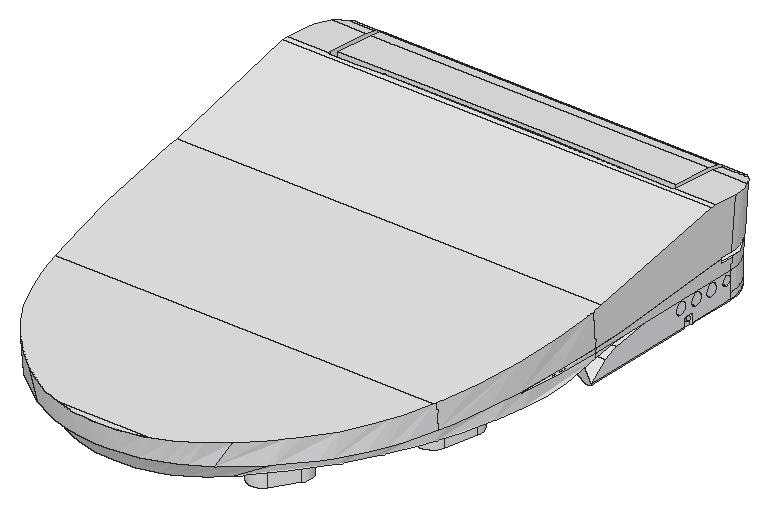
Revit family "Toilet_Seat-Elongated_Closed_Front-Cleansing-KOHLER-C3_1150-K-28362X_1", category Plumbing Fixtures, host Face, Revit 2021
Family settings
  Host = Face
  Round Connector Dimension = Use Diameter
  Part Type = Normal
  OmniClass Number = 23.31.19.19.17
  OmniClass Title = Water Closet Seats
  Cut with Voids When Loaded = No
  Shared = No
  Room Calculation Point = No
Parameters (values of type "0-White")
  Width = 15 1/16"  # constant formula
  WaterSense Certified = 1 = 0  # no
  Waste Water Outlet = "Waste Water Outlet"  # constant formula
  Waste Connection = 1 = 0  # no
  Voltage = 220 V  # constant formula
  Vent Connection = 1 = 0  # no
  URL = "https://www.kohler.co.th/"
  Type = 1
  Seat Included = 1 = 1  # yes
  Rough-In = 0"
  Product Page URL = ""
  Product Name = "C3-1150"  # constant formula
  Product Documentation Link = ""
  Pressure = 0.00 psi
  Model = "K-28362X-0"  # constant formula
  Material = "Plastic"  # constant formula
  Master Format 2014 Name = "Residential Water Closets"  # constant formula
  Master Format 2014 = "22 41 13.13"  # constant formula
  Manufacturer Address = "16th Floor, Jasmine City Building 2, Soi Sukhumvit 23, Sukhumvit Road, Khlong Toei Nuea, Watthana, Bangkok 10110\r\n"  # constant formula
  Manufacturer = "Kohler Co."  # constant formula
  Length = 20 111/256"  # constant formula
  Hot Water Inlet = "Hot Water Inlet"  # constant formula
  Height = 3.56693"  # constant formula
  HW Connection = 1 = 0  # no
  Flush Rate- LPF = "LPF"  # constant formula
  Flush Rate- GPF = "GPF"  # constant formula
  Flow Rate = 0 GPM
  Finish = Kohler-Plastic-0-White
  Environmental Product Declaration = ""
  Electrical Note = "One Dedicated Circuit Required"  # constant formula
  Electrical Connector = 1 = 1  # yes
  Description = "SMART SEAT"  # constant formula
  Default Elevation = 15"
  Declare Label = ""
  Date Modified = "11/27/2022"  # constant formula
  Date Created = "11/27/2022"  # constant formula
  Copyright = "Copyright Kohler Co."  # constant formula
  Contact Us = "https://www.kohler.co.th/contact-us"
  Cold Water Inlet = "Cold Water Inlet"  # constant formula
  CW Connection = 1 = 1  # yes
  Assembly Code = "D2010100"
  Apparent Load = 780 VA  # constant formula
  ADA Compliant = 1 = 0  # no
Reference planes (in)
  plane 1 "Center (Front/Back)": y = 0
  plane 2: z = 0
  plane 3 "Center (Left/Right)": x = 0
  plane 4: z = 0
  plane 5: z = 3.56693
  plane 6: x = -7.5315
  plane 7: x = 7.5315
  plane 8: y = -3.56693
  plane 9: x = -3.94094
  plane 10: x = 3.94094
  plane 11: y = -6.46885
  plane 12: y = -17.89011
  plane 13: y = -0.80315
  plane 14: z = 0
  plane 15: z = 3.56693
  plane 16: z = 1.81102
  plane 17: z = 1.43701
  plane 18: z = 2.77843
  plane 19: z = 0.87826
  plane 20: z = 0.41589
  plane 21: z = -0.91732
  plane 22: y = -20.43359
  plane 23: z = 0.41589
  plane 24: z = 0.87
  plane 25: x = 7.531
  plane 26: y = -2.45809
  plane 27: y = -3.41243
  plane 28: x = 7.31333
  plane 29: x = -7.31333
  plane 30: z = 1.05051
  plane 31: z = 0.4528
  plane 32: z = 0.4528
  plane 33: z = 0.4528
Forms (in)
  Extrusion 1, void
    sketch origin (0, 0, 0) x (0, 1, 0) y (0, 0, 1)
      loop
        line (-4.64786, -1.0251) -> (-3.53436, 0.0884) -> (-5.5782, 0.0884) -> (-4.64786, -1.0251)
    from -1.06073 to 1.10921
  Extrusion 2, void
    sketch origin (0.26563, 0, 0) x (1, 0, 0) y (0, 1, 0)
      loop
        circle (-1.51517, -5.13822) r 0.17977
    from -0.08081 to 0.12172
Dimensions and locks (in)
  host face to plane 4 = 0"
  "Height": level to plane 5
  plane 9 to plane 10 = 7.88189"
  plane 11 to plane 12 = 11.42126"
  level to plane 16 = 1.81102"
  level to plane 17 = 1.43701"
  "Length": plane 22 to plane 1 "Center (Front/Back)"
  "Width": plane 6 to plane 25
  aligned and locked: plane 2 to host face
  aligned and locked: level to host face
  aligned and locked: plane 3 "Center (Left/Right)" to nested 1
  aligned and locked: plane 1 "Center (Front/Back)" to nested 1
  aligned and locked: nested 1 to plane 14
  aligned and locked: plane 14 to level
Automatic sketch dimensions
  host sketch curve to host sketch curve = 96"  (x2)
  Extrusion 2 sketch curve to plane 3 "Center (Left/Right)" = 1.24954"
  plane 11 to Extrusion 2 sketch curve = 1.33063"
  plane 8 to Extrusion 1 sketch curve = 0.03257"
  level to Extrusion 1 sketch curve = 0.0884"
  plane 21 to Extrusion 1 sketch curve = 0.10778"
  Extrusion 1 sketch curve to plane 8 = 1.08093"
  plane 11 to Extrusion 1 sketch curve = 0.89065"
  radius of Extrusion 2 sketch curve = 0.17977"
Nested families (in)
  nested 1: "K-28362X" at (0, 0, -0.91732), type "K-28362X"
Connectors (in)
  piping at (-7.31333, -2.45809, 1.05051), diameter 0.5, driven by "CW Connection", driven by "Cold Water Inlet"
    settings: on nested 1, index 2, connector inside diameter 24", connector length 0", flow factor 0, pipe flow 0 GPM, pressure drop 0.00 psi, fitting loss kfactor 0, connector angle 0.00°, fixture units 0, engagement length 0", angle of deflection 0.00°, flow configuration 0, flow direction 1, fitting loss method 0, system type 20, joint type 0, gender type 0, connector reference index -1, connector utility 1, adjustable connector no, is connector primary yes, connector description "Cold Water Inlet"
  electrical at (7.31333, -3.41243, 0.4528), driven by "Electrical Connector", driven by "Electrical Note", driven by "Voltage", driven by "Apparent Load"
    settings: on nested 1, index 3, voltage 220 V, apparent load 780 VA, apparent load phase1 0 VA, apparent load phase2 0 VA, apparent load phase3 0 VA, power factor 1, load classification "Power", number of poles 1, system type 30, power factor state 1, is connector primary yes, connector utility yes, sub classification motor no, connector description "One Dedicated Circuit Required"
Definition of nested family "K-28362X"
  Parameters (values of type "K-28362T")
    Material = none
    HC = no
    Default Elevation = 0"
  Reference planes (in)
    plane 1 "Center (Front/Back)": y = 0
    plane 2: z = 0
    plane 3 "Center (Left/Right)": x = 0
    plane 4 "A": through (0, -4.15406, 2.4332) normal (0, -0.2824, 0.9593)
    plane 5 "1": through (0, -4.44479, 3.48686) normal (0, -0.2272, 0.9739)
    plane 6: z = 1.12782
    plane 7: z = 3.95289
    plane 8: z = 0
    plane 9: x = -7.5315
    plane 10: x = 7.5315
    plane 11: y = -20.43307
    plane 12: y = -0.80315
    plane 13 "4": through (0, -4.94768, 0.41919) normal (0, -0.7071, -0.7071)
    plane 14 "2": through (0, -4.38689, 0.22976) normal (0, -0.7071, 0.7071)
    plane 15: y = -6.46885
    plane 16: y = -17.89011
    plane 17: x = 3.94094
    plane 18: x = -3.94094
    plane 19: z = 4.48425
    plane 20: z = 0.91732
    plane 21: y = -37.30315
    plane 22: z = 2.72835
    plane 23: z = 2.35433
    plane 24: y = -2.53191
    plane 25: x = 7.50124
    plane 26: x = -7.50327
    plane 27: z = 3.69575
    plane 28: y = 0
    plane 29: y = -3.41243
    plane 30: z = 1.33321
    plane 31: z = 0
    plane 32: z = 1.78733
    plane 33: x = 7.31333
    plane 34: x = -7.31333
    plane 35: y = -2.45809
    plane 36: z = 1.37012
    plane 37: z = 1.96783
  Forms (in)
    Extrusion 1, void
      sketch origin (0, 0, 0) x (1, 0, 0) y (0, 1, 0)
        loop
          line (5.91841, 0.5055) -> (5.91841, -2.22794)
          arc (5.91841, -2.22794) -> (0, -2.17361) -> (-5.91841, -2.2281) r 321.9074
          line (-5.91841, -2.2281) -> (-5.91841, 0.60393) -> (-6.08082, 0.60393) -> (-6.08082, -2.36326)
          arc (-6.08082, -2.36326) -> (-6.03838, -2.46298) -> (-5.93709, -2.50153) r 0.13837
          arc (-5.93709, -2.50153) -> (0.0003, -2.38675) -> (5.93768, -2.50202) r 153.30301
          arc (5.93768, -2.50202) -> (6.03855, -2.46363) -> (6.08082, -2.36433) r 0.1378
          line (6.08082, -2.36433) -> (6.08082, 0.5055) -> (5.91841, 0.5055)
      from 2.68112 to 7.6623
    Extrusion 2, solid, material <- "Material", detail levels medium+fine
      sketch origin (0, 0, 0) x (0, 1, 0) y (0, 0, 1)
        loop
          line (-5.47875, 1.05493) -> (-4.56243, 0.02686) -> (-3.53436, 1.05493) -> (-5.47875, 1.05493)
      from -1.02586 to 1.06291
    Sweep 3, solid, material <- "Material", detail levels medium+fine
      path origin (0, 0, 0) x (1, 0, 0) y (0, 1, 0)
        loop
          line (7.31333, -8.16841) -> (7.31333, -1.5748)
          arc (7.31333, -1.5748) -> (6.85208, -0.46125) -> (5.73853, 0) r 1.5748
          line (5.73853, 0) -> (-5.81333, 0)
          arc (-5.81333, 0) -> (-6.87399, -0.43934) -> (-7.31333, -1.5) r 1.5
          line (-7.31333, -1.5) -> (-7.31333, -7.99606)
      profile origin (-7.31333, -4.74803, 0) x (1, 0, 0) y (0, 0, 1)
        loop
          line (0, 1.38413) -> (0, 1.15841)
          arc (0, 1.15841) -> (0.00565, 1.13731) -> (0.0211, 1.12186) r 0.0422
          line (0.0211, 1.12186) -> (0.33319, 0.94168)
          arc (0.33319, 0.94168) -> (0.37703, 0.92352) -> (0.42408, 0.91732) r 0.18179
          line (0.42408, 0.91732) -> (0.68301, 0.91732) -> (0.68301, 1.38413) -> (0, 1.38413)
    Extrusion 4, solid, material <- "Material", detail levels medium+fine
      sketch origin (0, 0, 0) x (1, 0, 0) y (0, 1, 0)
        loop
          arc (-5.95669, -0.68301) -> (-6.58728, -0.94421) -> (-6.84848, -1.5748) r 0.89179
          line (-6.84848, -1.5748) -> (-6.84848, -7.99606) -> (6.84848, -7.99606) -> (6.84848, -1.5748)
          arc (6.84848, -1.5748) -> (6.58728, -0.94421) -> (5.95669, -0.68301) r 0.89179
          line (5.95669, -0.68301) -> (-5.95669, -0.68301)
      from 0.91732 to 1.38413
    Extrusion 5, void
      sketch origin (0, 0, -0.05469) x (1, 0, 0) y (0, 0, 1)
        loop
          arc (-6.49631, 2.77136) -> (-6.26963, 2.7976) -> (-6.04144, 2.79893) r 2.08579
          line (-6.04144, 2.79893) -> (-6.04144, 3.13675)
          arc (-6.04144, 3.13675) -> (-6.21672, 3.13193) -> (-6.39033, 3.1073) r 1.5473
          arc (-6.39033, 3.1073) -> (-6.69483, 3.02189) -> (-6.98292, 2.89143) r 2.086
          arc (-6.98292, 2.89143) -> (-7.15579, 2.80875) -> (-7.3367, 2.74553) r 1.74393
          arc (-7.3367, 2.74553) -> (-7.44785, 2.71734) -> (-7.56062, 2.69652) r 1.74393
          arc (-7.56062, 2.69652) -> (-7.7236, 2.64352) -> (-7.89164, 2.60989) r 1.46679
          arc (-7.89164, 2.60989) -> (-7.81686, 2.5539) -> (-7.72802, 2.52499) r 0.28594
          arc (-7.72802, 2.52499) -> (-7.50668, 2.51864) -> (-7.29034, 2.56584) r 0.91167
          arc (-7.29034, 2.56584) -> (-6.8976, 2.68514) -> (-6.49631, 2.77136) r 4.93078
        loop
          arc (6.49631, 2.77136) -> (6.8976, 2.68514) -> (7.29034, 2.56584) r 4.93078
          arc (7.29034, 2.56584) -> (7.50668, 2.51864) -> (7.72802, 2.52499) r 0.91167
          arc (7.72802, 2.52499) -> (7.81686, 2.5539) -> (7.89164, 2.60989) r 0.28594
          arc (7.89164, 2.60989) -> (7.7236, 2.64352) -> (7.56062, 2.69652) r 1.46679
          arc (7.56062, 2.69652) -> (7.44785, 2.71734) -> (7.3367, 2.74553) r 1.74393
          arc (7.3367, 2.74553) -> (7.15579, 2.80875) -> (6.98292, 2.89143) r 1.74393
          arc (6.98292, 2.89143) -> (6.69483, 3.02189) -> (6.39033, 3.1073) r 2.086
          arc (6.39033, 3.1073) -> (6.21672, 3.13193) -> (6.04144, 3.13675) r 1.5473
          line (6.04144, 3.13675) -> (6.04144, 2.79893)
          arc (6.04144, 2.79893) -> (6.26963, 2.7976) -> (6.49631, 2.77136) r 2.08579
      from -0.13429 to 2.04421
    Extrusion 6, solid, material <- "Material"
      sketch origin (0.08093, 0, 0) x (1, 0, 0) y (0, 1, 0)
        loop
          arc (6.28907, -11.44968) -> (5.90327, -10.79419) -> (5.22825, -11.14469) r 0.55268
          line (5.22825, -11.14469) -> (4.95538, -12.32661)
          arc (4.95538, -12.32661) -> (5.3684, -12.98759) -> (6.02937, -12.57456) r 0.55112
          line (6.02937, -12.57456) -> (6.28907, -11.44968)
        loop
          line (-6.48592, -11.44968) -> (-6.22622, -12.57456)
          arc (-6.22622, -12.57456) -> (-5.56525, -12.98759) -> (-5.15223, -12.32661) r 0.55112
          line (-5.15223, -12.32661) -> (-5.4251, -11.14469)
          arc (-5.4251, -11.14469) -> (-6.10012, -10.79419) -> (-6.48592, -11.44968) r 0.55268
      from 0.91732 to 1.49291
    Extrusion 7, void
      sketch origin (0, 0, 0) x (0, 1, 0) y (0, 0, 1)
        loop
          arc (-2.44346, 4.58365) -> (-1.61512, 4.52879) -> (-0.7883, 4.45443) r 35.22946
          arc (-0.7883, 4.45443) -> (-0.58901, 4.42749) -> (-0.39192, 4.38749) r 3.05569
          arc (-0.39192, 4.38749) -> (-0.1827, 4.2592) -> (-0.09013, 4.03191) r 0.3937
          line (-0.09013, 4.03191) -> (0.07757, 1.63366) -> (0.51402, 1.63366) -> (0.51402, 5.25794) -> (-21.08788, 5.25794) -> (-21.08788, 2.86459)
          arc (-21.08788, 2.86459) -> (-20.4862, 2.86495) -> (-19.88453, 2.86704) r 210.34624
          arc (-19.88453, 2.86704) -> (-16.80236, 2.90473) -> (-13.72108, 2.98757) r 210.34624
          arc (-13.72108, 2.98757) -> (-10.53082, 3.18691) -> (-7.35688, 3.56574) r 56.6922
          arc (-7.35688, 3.56574) -> (-4.98208, 3.99197) -> (-2.63781, 4.56267) r 39.42662
          arc (-2.63781, 4.56267) -> (-2.54148, 4.58104) -> (-2.44346, 4.58365) r 0.60644
      from -9.62549 to 9.84252
    Extrusion 8, void
      sketch origin (0, 0, 0) x (1, 0, 0) y (0, 0, 1)
        loop
          line (3.62375, 2.99049) -> (3.62375, 1.61254) -> (5.63601, 1.61254) -> (5.63601, 2.99049) -> (3.62375, 2.99049)
        loop
          arc (3.64344, 3.06923) -> (3.57384, 3.0404) -> (3.54501, 2.9708) r 0.09843
          line (3.54501, 2.9708) -> (3.54501, 1.63222)
          arc (3.54501, 1.63222) -> (3.57384, 1.56262) -> (3.64344, 1.5338) r 0.09843
          line (3.64344, 1.5338) -> (5.65324, 1.5338)
          arc (5.65324, 1.5338) -> (5.72284, 1.56262) -> (5.75166, 1.63222) r 0.09843
          line (5.75166, 1.63222) -> (5.75166, 2.9708)
          arc (5.75166, 2.9708) -> (5.72284, 3.0404) -> (5.65324, 3.06923) r 0.09843
          line (5.65324, 3.06923) -> (3.64344, 3.06923)
      from -0.39237 to 0.16455
    Revolve 9, solid, material <- "Material", detail levels medium+fine
      sketch origin (0, 0, 0) x (0, 1, 0) y (0, 0, 1)
        loop
          line (-4.68887, -0.0024) -> (-4.53157, 0.08124) -> (-4.96245, 0.51212) -> (-4.68887, -0.0024)
        axis (-4.96245, 0.51212) -> (-4.53157, 0.08124)
      angle from 0 to 360
    Extrusion 10, void
      sketch origin (0, -2.26425, -2.26425) x (0, -0.707107, 0.707107) y (-1, 0, 0)
        loop
          line (4.40423, 0.84314) -> (4.52101, 0.87443) -> (2.89015, 0.87443) -> (2.89015, -0.87669) -> (4.52101, -0.87669) -> (4.52101, -0.8454) -> (3.087, -0.8454) -> (3.087, 0.84314) -> (4.40423, 0.84314)
      from -0.09025 to 0.67689
    Extrusion 11, void
      sketch origin (0, -2.30833, 2.30833) x (0, 0.707107, 0.707107) y (-1, 0, 0)
        loop
          line (-3.1742, -1.21901) -> (-3.1742, 1.19132) -> (-3.43784, 1.19132) -> (-3.43784, -1.21901) -> (-3.1742, -1.21901)
      from -0.09514 to 0.23435
    Extrusion 12, solid, material <- "Material"
      sketch origin (0, 0, 0) x (1, 0, 0) y (0, 1, 0)
        loop
          line (-4.25501, -16.52036) -> (-3.70463, -17.33634)
          arc (-3.70463, -17.33634) -> (-3.02144, -17.46914) -> (-2.88865, -16.78596) r 0.49213
          line (-2.88865, -16.78596) -> (-3.43903, -15.96997)
          arc (-3.43903, -15.96997) -> (-4.12222, -15.83718) -> (-4.25501, -16.52036) r 0.49213
        loop
          arc (4.25964, -16.52036) -> (4.12684, -15.83718) -> (3.44366, -15.96997) r 0.49213
          line (3.44366, -15.96997) -> (2.89327, -16.78596)
          arc (2.89327, -16.78596) -> (3.02607, -17.46914) -> (3.70925, -17.33634) r 0.49213
          line (3.70925, -17.33634) -> (4.25964, -16.52036)
      from 0.91732 to 1.49291
    Extrusion 13, void
      sketch origin (0, -0.24606, 0) x (1, 0, 0) y (0, 1, 0)
        loop
          arc (-3.01457, -5.68304) -> (-5.74362, -6.60076) -> (-8.24284, -8.03037) r 14.77384
          line (-8.24284, -8.03037) -> (8.17796, -8.03037)
          arc (8.17796, -8.03037) -> (4.92674, -6.1476) -> (1.25856, -5.33535) r 12.28646
          arc (1.25856, -5.33535) -> (-0.89068, -5.35337) -> (-3.01457, -5.68304) r 14.77384
      from -1.71563 to 1.71758
    Extrusion 14, void
      sketch origin (0, 0, 0) x (0, 1, 0) y (0, 0, 1)
        loop
          line (-8.59995, 0.37029) -> (-7.01965, 1.65)
          arc (-7.01965, 1.65) -> (-6.79687, 1.78589) -> (-6.54621, 1.85846) r 0.98425
          arc (-6.54621, 1.85846) -> (-5.49558, 2.03486) -> (-4.45175, 2.24789) r 30.46563
          arc (-4.45175, 2.24789) -> (-5.5682, 2.14306) -> (-6.68491, 2.04112) r 433.66908
          arc (-6.68491, 2.04112) -> (-7.37733, 1.94727) -> (-8.05852, 1.79159) r 7.77016
          arc (-8.05852, 1.79159) -> (-8.74373, 1.64) -> (-9.44096, 1.56027) r 6.75965
          arc (-9.44096, 1.56027) -> (-10.3103, 1.51257) -> (-11.18022, 1.47726) r 61.15216
          arc (-11.18022, 1.47726) -> (-12.35109, 1.44412) -> (-13.52225, 1.42306) r 113.58514
          arc (-13.52225, 1.42306) -> (-14.6389, 1.41231) -> (-15.75559, 1.40873) r 174.11127
          line (-15.75559, 1.40873) -> (-19.66799, 1.40873)
          arc (-19.66799, 1.40873) -> (-20.43129, 1.42997) -> (-21.19222, 1.49363) r 13.72485
          line (-21.19222, 1.49363) -> (-21.19222, 0.1505) -> (-8.59995, 0.37029)
      from -8.53725 to 9.58816
    Extrusion 15, void
      sketch origin (0, 0, 0) x (0, 1, 0) y (0, 0, -1)
        loop
          line (-2.04421, -2.64648) -> (-2.01591, -2.61818)
          arc (-2.01591, -2.61818) -> (-4.18902, -2.35864) -> (-6.3741, -2.23539) r 35.00923
          arc (-6.3741, -2.23539) -> (-8.43404, -2.17117) -> (-10.49304, -2.08188) r 169.35089
          arc (-10.49304, -2.08188) -> (-11.97639, -2.03188) -> (-13.46057, -2.02857) r 47.17689
          arc (-13.46057, -2.02857) -> (-15.19471, -2.0536) -> (-16.9288, -2.08188) r 927.827
          line (-16.9288, -2.08188) -> (-12.99405, -2.08188)
          arc (-12.99405, -2.08188) -> (-11.7449, -2.10586) -> (-10.49607, -2.14301) r 118.48811
          arc (-10.49607, -2.14301) -> (-8.43563, -2.21006) -> (-6.37489, -2.26688) r 415.27458
          arc (-6.37489, -2.26688) -> (-4.20363, -2.38916) -> (-2.04421, -2.64648) r 34.88561
      from -9.69979 to -5.91841
    Extrusion 16, void
      sketch origin (0, 0, 0) x (1, 0, 0) y (0, 1, 0)
        loop
          arc (-3.13197, -7.40143) -> (-3.65095, -7.99233) -> (-3.97572, -8.70859) r 2.67568
          arc (-3.97572, -8.70859) -> (-4.18662, -9.98022) -> (-4.10502, -11.26663) r 5.67325
          arc (-4.10502, -11.26663) -> (-3.70389, -13.11659) -> (-3.16953, -14.93254) r 26.05869
          arc (-3.16953, -14.93254) -> (-2.51301, -16.26917) -> (-1.52589, -17.38415) r 5.5713
          arc (-1.52589, -17.38415) -> (0.01763, -17.95819) -> (1.56115, -17.38415) r 2.3622
          arc (1.56115, -17.38415) -> (2.54828, -16.26917) -> (3.20479, -14.93254) r 5.5713
          arc (3.20479, -14.93254) -> (3.73916, -13.11659) -> (4.14028, -11.26663) r 26.05869
          arc (4.14028, -11.26663) -> (4.22188, -9.98022) -> (4.01099, -8.70859) r 5.67325
          arc (4.01099, -8.70859) -> (3.68622, -7.99233) -> (3.16724, -7.40143) r 2.67568
          arc (3.16724, -7.40143) -> (0.01763, -6.24708) -> (-3.13197, -7.40143) r 4.87396
      from 0.45537 to 2.32037
    Extrusion 17, solid, material <- "Material", detail levels medium+fine
      sketch origin (0, 0, 0) x (1, 0, 0) y (0, 1, 0)
        loop
          line (6.99399, -6.34927) -> (6.99399, -3.33566) -> (-6.90799, -3.33566) -> (-6.90799, -6.34927)
          arc (-6.90799, -6.34927) -> (0.043, -5.24838) -> (6.99399, -6.34927) r 22.49465
      from 1.77908 to 2.08188
    Extrusion 18, void
      sketch origin (0, 0, 0) x (0, 1, 0) y (0, 0, 1)
        loop
          arc (-1.75643, 1.78851) -> (-2.44933, 2.4487) -> (-3.12425, 1.77014) r 0.68413
          line (-3.12425, 1.77014) -> (-3.12425, 1.27281) -> (-3.03539, 1.27281) -> (-3.03539, 1.0267) -> (-2.9505, 1.0267) -> (-2.9435, 1.22721)
          arc (-2.9435, 1.22721) -> (-2.9291, 1.25955) -> (-2.89629, 1.27281) r 0.04724
          line (-2.89629, 1.27281) -> (-1.93905, 1.27281)
          arc (-1.93905, 1.27281) -> (-1.90565, 1.25897) -> (-1.89181, 1.22556) r 0.04724
          line (-1.89181, 1.22556) -> (-1.89181, 1.0267) -> (-1.80976, 1.0267) -> (-1.81979, 1.31399) -> (-1.73986, 1.31399) -> (-1.75643, 1.78851)
      from -7.717 to -7.26433
    Extrusion 19, void
      sketch origin (0, 0, 0) x (0, 1, 0) y (0, 0, 1)
        loop
          arc (-3.21131, 1.41207) -> (-3.23438, 1.46775) -> (-3.29005, 1.49081) r 0.07874
          line (-3.29005, 1.49081) -> (-3.54651, 1.49081)
          arc (-3.54651, 1.49081) -> (-3.60219, 1.46775) -> (-3.62525, 1.41207) r 0.07874
          line (-3.62525, 1.41207) -> (-3.62525, 0.99722) -> (-3.21131, 0.99722) -> (-3.21131, 1.41207)
        loop
          circle (-3.42184, 1.31728) r 0.05906
      from -7.85962 to -7.26433
    Extrusion 20, void
      sketch origin (0, 0, 0) x (1, 0, 0) y (0, 0, 1)
        loop
          line (3.42335, 1.45052) -> (1.41798, 1.45052) -> (1.41798, 0.8935) -> (3.42335, 0.9986) -> (3.42335, 1.45052)
        loop
          line (-3.31542, 1.36631) -> (-3.31542, 0.77576) -> (-1.43891, 0.77576) -> (-1.43891, 1.36631) -> (-3.31542, 1.36631)
      from -0.72251 to 0.16455
    Extrusion 21, void
      sketch origin (0, 0, 0) x (1, 0, 0) y (0, 0, 1)
        loop
          arc (0.18328, 1.66189) -> (0.00181, 1.84336) -> (-0.17967, 1.66189) r 0.18147
          line (-0.17967, 1.66189) -> (-0.17967, 0.77576) -> (0.18328, 0.77576) -> (0.18328, 1.66189)
        loop
          circle (0.00181, 1.66189) r 0.0663
        loop
          arc (-6.01751, 1.58807) -> (-6.19898, 1.76955) -> (-6.38045, 1.58807) r 0.18147
          line (-6.38045, 1.58807) -> (-6.38045, 0.77576) -> (-6.01751, 0.77576) -> (-6.01751, 1.58807)
        loop
          circle (-6.19898, 1.58807) r 0.0663
        loop
          arc (6.38407, 1.58807) -> (6.20259, 1.76955) -> (6.02112, 1.58807) r 0.18147
          line (6.02112, 1.58807) -> (6.02112, 0.75499) -> (6.38407, 0.75499) -> (6.38407, 1.58807)
        loop
          circle (6.20259, 1.58807) r 0.0663
      from -0.41876 to 0.16455
    Extrusion 22, void
      sketch origin (0, 0, 0) x (0, 1, 0) y (0, 0, 1)
        loop
          circle (-3.74729, 1.83353) r 0.20472
        loop
          circle (-3.06994, 1.83353) r 0.20472
        loop
          circle (-2.41479, 1.83353) r 0.20472
        loop
          circle (-1.75244, 1.83353) r 0.15748
        loop
          line (-3.62584, 1.41402) -> (-3.62584, 0.85381) -> (-3.20754, 0.85381) -> (-3.20754, 1.41402)
          arc (-3.20754, 1.41402) -> (-3.2306, 1.4697) -> (-3.28628, 1.49276) r 0.07874
          line (-3.28628, 1.49276) -> (-3.5471, 1.49276)
          arc (-3.5471, 1.49276) -> (-3.60278, 1.4697) -> (-3.62584, 1.41402) r 0.07874
        loop
          circle (-3.74729, 1.83353) r 0.19685
        loop
          circle (-3.06994, 1.83353) r 0.19685
        loop
          circle (-2.41479, 1.83353) r 0.19685
        loop
          circle (-1.75244, 1.83353) r 0.14961
      from 7.15244 to 7.84264
    Extrusion 23, solid, material <- "Material", detail levels medium+fine
      sketch origin (0, 0.07382, 0.17224) x (0, 1, 0) y (0, 0, 1)
        loop
          circle (-2.53191, 1.79559) r 0.19685
      from -7.31333 to -7.24747
    Extrusion 24, solid, material <- "Material"
      sketch origin (0.30664, 0, 0) x (1, 0, 0) y (0, 1, 0)
        loop
          circle (-1.55618, -5.13822) r 0.1702
      from 0.84881 to 0.91732
    Blend 25, solid, material <- "Material", detail levels medium+fine
      base sketch origin (0, 0, 0) x (1, 0, 0) y (0, 1, 0)
        loop
          line (-7.31333, -1.5748) -> (-7.31333, -7.46952)
          arc (-7.31333, -7.46952) -> (-7.06697, -11.05046) -> (-6.33252, -14.56392) r 26.14799
          arc (-6.33252, -14.56392) -> (-5.03506, -17.1877) -> (-2.87868, -19.16702) r 7.97865
          arc (-2.87868, -19.16702) -> (0.16449, -19.97981) -> (3.141, -18.94933) r 5.37906
          arc (3.141, -18.94933) -> (5.40289, -16.56202) -> (6.66704, -13.52602) r 9.08795
          arc (6.66704, -13.52602) -> (7.1513, -10.51497) -> (7.31333, -7.46952) r 28.70152
          line (7.31333, -7.46952) -> (7.31333, -1.5748)
          arc (7.31333, -1.5748) -> (6.85208, -0.46125) -> (5.73853, 0) r 1.5748
          line (5.73853, 0) -> (-5.73853, 0)
          arc (-5.73853, 0) -> (-6.85208, -0.46125) -> (-7.31333, -1.5748) r 1.5748
      top sketch origin (0, 0, 0) x (1, 0, 0) y (0, 1, 0)
        loop
          line (-7.5315, -1.5748) -> (-7.5315, -7.90027)
          arc (-7.5315, -7.90027) -> (-7.22961, -11.47029) -> (-6.33252, -14.93892) r 21.25984
          arc (-6.33252, -14.93892) -> (-5.51719, -16.76571) -> (-4.4134, -18.43412) r 12.16097
          arc (-4.4134, -18.43412) -> (0.21858, -20.58097) -> (4.68432, -18.10685) r 5.63676
          arc (4.68432, -18.10685) -> (5.83833, -16.08061) -> (6.66704, -13.90102) r 15.11957
          arc (6.66704, -13.90102) -> (7.31427, -10.93162) -> (7.5315, -7.90027) r 21.25984
          line (7.5315, -7.90027) -> (7.5315, -1.5748)
          arc (7.5315, -1.5748) -> (7.07025, -0.46125) -> (5.95669, 0) r 1.5748
          line (5.95669, 0) -> (-5.95669, 0)
          arc (-5.95669, 0) -> (-7.07025, -0.46125) -> (-7.5315, -1.5748) r 1.5748
      from 2.08188 to 4.81616
    Blend 26, solid, material <- "Material", detail levels medium+fine
      base sketch origin (0, 0, 0) x (1, 0, 0) y (0, 1, 0)
        loop
          line (5.73853, 0) -> (-5.81333, 0)
          arc (-5.81333, 0) -> (-6.87399, -0.43934) -> (-7.31333, -1.5) r 1.5
          line (-7.31333, -1.5) -> (-7.31333, -7.46952)
          arc (-7.31333, -7.46952) -> (-6.2174, -13.20012) -> (-3.08429, -18.12196) r 15.53062
          arc (-3.08429, -18.12196) -> (0.01642, -19.45688) -> (3.11208, -18.1103) r 4.25
          arc (3.11208, -18.1103) -> (6.22499, -13.18959) -> (7.31333, -7.46952) r 15.57591
          line (7.31333, -7.46952) -> (7.31333, -1.5748)
          arc (7.31333, -1.5748) -> (6.85208, -0.46125) -> (5.73853, 0) r 1.5748
      top sketch origin (0, 0, 0) x (1, 0, 0) y (0, 1, 0)
        loop
          line (5.73853, 0) -> (-5.73853, 0)
          arc (-5.73853, 0) -> (-6.85208, -0.46125) -> (-7.31333, -1.5748) r 1.5748
          line (-7.31333, -1.5748) -> (-7.31333, -7.46952)
          arc (-7.31333, -7.46952) -> (-6.55943, -12.69804) -> (-4.35914, -17.50059) r 18.50754
          arc (-4.35914, -17.50059) -> (0.12419, -19.90461) -> (4.54054, -17.37964) r 5.25
          arc (4.54054, -17.37964) -> (6.60707, -12.61488) -> (7.31333, -7.46952) r 19.09608
          line (7.31333, -7.46952) -> (7.31333, -1.5748)
          arc (7.31333, -1.5748) -> (6.85208, -0.46125) -> (5.73853, 0) r 1.5748
      from 1.38413 to 2.08188
    Extrusion 27, void
      sketch origin (0, 0, 0) x (0, 1, 0) y (0, 0, 1)
        loop
          arc (-2.04421, 2.64648) -> (-4.20363, 2.38916) -> (-6.37489, 2.26688) r 34.88561
          arc (-6.37489, 2.26688) -> (-8.43563, 2.21006) -> (-10.49607, 2.14301) r 415.27458
          arc (-10.49607, 2.14301) -> (-11.7449, 2.10586) -> (-12.99405, 2.08188) r 118.48811
          line (-12.99405, 2.08188) -> (-16.9288, 2.08188)
          arc (-16.9288, 2.08188) -> (-15.19471, 2.0536) -> (-13.46057, 2.02857) r 927.827
          arc (-13.46057, 2.02857) -> (-11.97639, 2.03188) -> (-10.49304, 2.08188) r 47.17689
          arc (-10.49304, 2.08188) -> (-8.43404, 2.17117) -> (-6.3741, 2.23539) r 169.35089
          arc (-6.3741, 2.23539) -> (-4.18902, 2.35864) -> (-2.01591, 2.61818) r 35.00923
          line (-2.01591, 2.61818) -> (-2.04421, 2.64648)
      from -9.69979 to -4.58168
    Extrusion 28, solid, material <- "Material", detail levels medium+fine
      sketch origin (0, 0.01845, 0.03691) x (0, 1, 0) y (0, 0, 1)
        loop
          circle (-3.43088, 1.33321) r 0.06821
      from 7.18379 to 7.31333
    Extrusion 29, solid, material <- "Material", detail levels coarse
      sketch origin (0, 0, 0) x (0, 1, 0) y (0, 0, 1)
        loop
          line (-4.56243, 0.02686) -> (-3.67197, 0.91732) -> (-5.45289, 0.91732) -> (-4.56243, 0.02686)
      from -1.02586 to 1.06291
    Extrusion 30, void
      sketch origin (0, 0, 0) x (1, 0, 0) y (0, 1, 0)
        loop
          arc (-3.01457, -5.92911) -> (-4.79958, -6.46155) -> (-6.5034, -7.21437) r 14.77384
          line (-6.5034, -7.21437) -> (6.63221, -7.21437)
          arc (6.63221, -7.21437) -> (4.03994, -6.08673) -> (1.25856, -5.58141) r 12.28646
          arc (1.25856, -5.58141) -> (-0.89068, -5.59943) -> (-3.01457, -5.92911) r 14.77384
      from 1.21979 to 1.91927
    Extrusion 31, solid, material <- "Material", detail levels coarse
      sketch origin (0, 0, 0) x (1, 0, 0) y (0, 1, 0)
        loop
          arc (-7.31333, -7.39455) -> (0.00661, -5.94977) -> (7.31333, -7.45998) r 18.83875
          line (7.31333, -7.45998) -> (7.31333, -1.63273)
          arc (7.31333, -1.63273) -> (6.85208, -0.51918) -> (5.73853, -0.05793) r 1.5748
          line (5.73853, -0.05793) -> (-5.81333, -0.05793)
          arc (-5.81333, -0.05793) -> (-6.87399, -0.49727) -> (-7.31333, -1.55793) r 1.5
          line (-7.31333, -1.55793) -> (-7.31333, -7.39455)
      from 0.91732 to 1.38413
    Blend 32, solid, material <- "Material", detail levels coarse
      base sketch origin (-0.01073, -0.05793, 0) x (1, 0, 0) y (0, 1, 0)
        loop
          line (5.74926, 0) -> (-5.8026, 0)
          arc (-5.8026, 0) -> (-6.86326, -0.43934) -> (-7.3026, -1.5) r 1.5
          line (-7.3026, -1.5) -> (-7.3026, -7.46952)
          arc (-7.3026, -7.46952) -> (-6.20667, -13.20012) -> (-3.07356, -18.12196) r 15.53062
          arc (-3.07356, -18.12196) -> (0.02715, -19.45688) -> (3.12281, -18.1103) r 4.25
          arc (3.12281, -18.1103) -> (6.23572, -13.18959) -> (7.32406, -7.46952) r 15.57591
          line (7.32406, -7.46952) -> (7.32406, -1.5748)
          arc (7.32406, -1.5748) -> (6.86281, -0.46125) -> (5.74926, 0) r 1.5748
      top sketch origin (-0.01073, -0.05793, 0) x (1, 0, 0) y (0, 1, 0)
        loop
          line (5.73853, 0) -> (-5.73853, 0)
          arc (-5.73853, 0) -> (-6.85208, -0.46125) -> (-7.31333, -1.5748) r 1.5748
          line (-7.31333, -1.5748) -> (-7.31333, -7.46952)
          arc (-7.31333, -7.46952) -> (-6.55943, -12.69804) -> (-4.35914, -17.50059) r 18.50754
          arc (-4.35914, -17.50059) -> (0.12419, -19.90461) -> (4.54054, -17.37964) r 5.25
          arc (4.54054, -17.37964) -> (6.60707, -12.61488) -> (7.31333, -7.46952) r 19.09608
          line (7.31333, -7.46952) -> (7.31333, -1.5748)
          arc (7.31333, -1.5748) -> (6.85208, -0.46125) -> (5.73853, 0) r 1.5748
      from 1.38413 to 2.08188
    Blend 33, solid, material <- "Material", detail levels coarse
      base sketch origin (0.05141, -0.05793, 0) x (1, 0, 0) y (0, 1, 0)
        loop
          arc (-5.80067, 0) -> (-6.91422, -0.46125) -> (-7.37547, -1.5748) r 1.5748
          line (-7.37547, -1.5748) -> (-7.37547, -5.70866)
          arc (-7.37547, -5.70866) -> (-7.23918, -9.40589) -> (-6.83104, -13.08305) r 50.21624
          arc (-6.83104, -13.08305) -> (-5.78044, -16.15585) -> (-3.70442, -18.65305) r 8.96814
          arc (-3.70442, -18.65305) -> (0.15076, -19.97434) -> (3.90469, -18.3881) r 5.70866
          arc (3.90469, -18.3881) -> (5.82943, -15.78959) -> (6.78683, -12.70086) r 9.64237
          arc (6.78683, -12.70086) -> (7.13497, -9.19826) -> (7.25119, -5.68032) r 53.30263
          line (7.25119, -5.68032) -> (7.25119, -1.5748)
          arc (7.25119, -1.5748) -> (6.78994, -0.46125) -> (5.67639, 0) r 1.5748
          line (5.67639, 0) -> (-5.80067, 0)
      top sketch origin (0.05141, -0.05793, 0) x (1, 0, 0) y (0, 1, 0)
        loop
          line (-7.5315, -1.5748) -> (-7.5315, -7.90027)
          arc (-7.5315, -7.90027) -> (-7.22961, -11.47029) -> (-6.33252, -14.93892) r 21.25984
          arc (-6.33252, -14.93892) -> (-5.51719, -16.76571) -> (-4.4134, -18.43412) r 12.16097
          arc (-4.4134, -18.43412) -> (0.21858, -20.58097) -> (4.68432, -18.10685) r 5.63676
          arc (4.68432, -18.10685) -> (5.83833, -16.08061) -> (6.66704, -13.90102) r 15.11957
          arc (6.66704, -13.90102) -> (7.31427, -10.93162) -> (7.5315, -7.90027) r 21.25984
          line (7.5315, -7.90027) -> (7.5315, -1.5748)
          arc (7.5315, -1.5748) -> (7.07025, -0.46125) -> (5.95669, 0) r 1.5748
          line (5.95669, 0) -> (-5.95669, 0)
          arc (-5.95669, 0) -> (-7.07025, -0.46125) -> (-7.5315, -1.5748) r 1.5748
      from 2.08188 to 4.81616
  Cuts and joins
    Extrusion 10, Extrusion 11 cuts Extrusion 2
    Extrusion 27 cuts Extrusion 17
    Extrusion 1, Extrusion 5, Extrusion 7, Extrusion 8, Extrusion 15, Extrusion 18, Extrusion 27 cuts Blend 25
    Extrusion 13, Extrusion 14, Extrusion 18, Extrusion 19, Extrusion 20, Extrusion 21, Extrusion 22 cuts Sweep 3
    Extrusion 13, Extrusion 14 cuts Extrusion 4
    Extrusion 8, Extrusion 13, Extrusion 14, Extrusion 16, Extrusion 18, Extrusion 19, Extrusion 20, Extrusion 21, Extrusion 22, Extrusion 27, Extrusion 30 cuts Blend 26
    joined: Sweep 3, Extrusion 4, Blend 26
    Extrusion 14 cuts Blend 32
    Extrusion 7 cuts Blend 33
    joined: Blend 32, Blend 33
    Extrusion 14 cuts Extrusion 31
  Lines and regions (in)
    Masking region 1
      outline origin (0, 0, 0) x (1, 0, 0) y (0, 1, 0)
        loop
          arc (4.20197, -18.63719) -> (5.06646, -17.57973) -> (5.75771, -16.40171) r 8.8395
          arc (5.75771, -16.40171) -> (7.08333, -12.24253) -> (7.5315, -7.90027) r 21.25984
          line (7.5315, -7.90027) -> (7.5315, -1.5748)
          arc (7.5315, -1.5748) -> (7.07025, -0.46125) -> (5.95669, 0) r 1.5748
          line (5.95669, 0) -> (-5.95669, 0)
          arc (-5.95669, 0) -> (-7.07025, -0.46125) -> (-7.5315, -1.5748) r 1.5748
          line (-7.5315, -1.5748) -> (-7.5315, -7.90027)
          arc (-7.5315, -7.90027) -> (-7.08333, -12.24253) -> (-5.75771, -16.40171) r 21.25984
          arc (-5.75771, -16.40171) -> (-5.06646, -17.57973) -> (-4.20197, -18.63719) r 8.8395
          arc (-4.20197, -18.63719) -> (0, -20.43394) -> (4.20197, -18.63719) r 5.81185
    Masking region 2
      outline origin (0, 0, 0) x (0, 1, 0) y (0, 0, 1)
        loop
          arc (-0.10429, 3.93589) -> (-0.19686, 4.16318) -> (-0.40608, 4.29148) r 0.3937
          arc (-0.40608, 4.29148) -> (-0.60316, 4.33147) -> (-0.80246, 4.35842) r 3.05569
          arc (-0.80246, 4.35842) -> (-1.62928, 4.43278) -> (-2.45762, 4.48763) r 35.22946
          arc (-2.45762, 4.48763) -> (-2.55564, 4.48502) -> (-2.65196, 4.46665) r 0.60644
          arc (-2.65196, 4.46665) -> (-4.99624, 3.89596) -> (-7.37103, 3.46972) r 39.42662
          arc (-7.37103, 3.46972) -> (-13.84496, 2.80696) -> (-20.35225, 2.72834) r 72.38254
          arc (-20.35225, 2.72834) -> (-20.41367, 2.70184) -> (-20.43235, 2.63761) r 0.07849
          line (-20.43235, 2.63761) -> (-20.30474, 1.83192)
          arc (-20.30474, 1.83192) -> (-20.28687, 1.79999) -> (-20.25254, 1.78733) r 0.05286
          line (-20.25254, 1.78733) -> (-20.0352, 1.78733) -> (-20.0352, 1.74316) -> (-19.99295, 1.74316) -> (-19.99295, 1.61726)
          arc (-19.99295, 1.61726) -> (-19.98749, 1.592) -> (-19.97207, 1.57125) r 0.06116
          line (-19.97207, 1.57125) -> (-19.51622, 1.17219) -> (-17.48445, 1.19913)
          arc (-17.48445, 1.19913) -> (-17.43664, 1.18571) -> (-17.40377, 1.14848) r 0.08774
          line (-17.40377, 1.14848) -> (-17.38365, 1.10533) -> (-17.33245, 1.10601) -> (-17.29676, 1.00235)
          arc (-17.29676, 1.00235) -> (-17.25077, 0.94076) -> (-17.17756, 0.91732) r 0.12607
          line (-17.17756, 0.91732) -> (-16.04802, 0.91732)
          arc (-16.04802, 0.91732) -> (-15.95983, 0.95116) -> (-15.90678, 1.02932) r 0.15775
          line (-15.90678, 1.02932) -> (-15.87791, 1.1253) -> (-15.8275, 1.12729) -> (-15.81019, 1.16859)
          arc (-15.81019, 1.16859) -> (-15.77881, 1.20708) -> (-15.73157, 1.22238) r 0.08774
          line (-15.73157, 1.22238) -> (-12.97962, 1.29426)
          arc (-12.97962, 1.29426) -> (-12.9355, 1.2813) -> (-12.90728, 1.245) r 0.0749
          line (-12.90728, 1.245) -> (-12.82464, 1.01795)
          arc (-12.82464, 1.01795) -> (-12.76865, 0.94498) -> (-12.68093, 0.91732) r 0.15293
          line (-12.68093, 0.91732) -> (-11.01067, 0.91732)
          arc (-11.01067, 0.91732) -> (-10.91604, 0.94625) -> (-10.85377, 1.02315) r 0.16922
          line (-10.85377, 1.02315) -> (-10.74329, 1.2966)
          arc (-10.74329, 1.2966) -> (-10.0918, 1.30117) -> (-9.44158, 1.34205) r 11.68666
          arc (-9.44158, 1.34205) -> (-8.72431, 1.43337) -> (-8.01545, 1.576) r 10.05401
          arc (-8.01545, 1.576) -> (-7.92729, 1.59748) -> (-7.83932, 1.61976) r 10.05401
          arc (-7.83932, 1.61976) -> (-7.64784, 1.65983) -> (-7.45347, 1.68201) r 2.11229
          arc (-7.45347, 1.68201) -> (-7.15381, 1.71176) -> (-6.85664, 1.76042) r 4.75377
          line (-6.85664, 1.76042) -> (-6.96153, 1.62123) -> (-7.59346, 1.54363) -> (-7.87049, 1.176) -> (-7.83541, 1.176) -> (-7.83541, 1.13476)
          arc (-7.83541, 1.13476) -> (-7.83149, 1.11509) -> (-7.82035, 1.09841) r 0.0514
          line (-7.82035, 1.09841) -> (-7.63926, 0.91732) -> (-5.4169, 0.91732) -> (-4.84854, 0.34896) -> (-4.68625, 0) -> (-3.68462, 0.91732) -> (-0.4668, 0.91732) -> (0, 1.38413) -> (0, 2.44453) -> (-0.10429, 3.93589)
    Masking region 3
      outline origin (0, 0, 0) x (1, 0, 0) y (0, 0, 1)
        loop
          line (-6.9957, 0.91732) -> (-1.41568, 0.91732) -> (-1.41568, 0.85575)
          arc (-1.41568, 0.85575) -> (-1.40871, 0.83892) -> (-1.39188, 0.83195) r 0.0238
          line (-1.39188, 0.83195) -> (-1.10409, 0.83195)
          arc (-1.10409, 0.83195) -> (-1.08952, 0.83799) -> (-1.08348, 0.85256) r 0.02061
          line (-1.08348, 0.85256) -> (-1.08348, 0.91732) -> (-1.02586, 0.91732) -> (-1.02586, 0.35175)
          arc (-1.02586, 0.35175) -> (-0.83573, 0.13631) -> (-0.56495, 0.04016) r 0.57335
          line (-0.56495, 0.04016) -> (-0.26128, 0.04016)
          arc (-0.26128, 0.04016) -> (-0.00109, -0.0024) -> (0.25911, 0.04016) r 0.8166
          line (0.25911, 0.04016) -> (0.56495, 0.04016)
          arc (0.56495, 0.04016) -> (0.83573, 0.13631) -> (1.02586, 0.35175) r 0.57335
          line (1.02586, 0.35175) -> (1.02586, 0.91732) -> (6.9957, 0.91732) -> (7.31333, 1.23495) -> (7.31333, 2.0486)
          arc (7.31333, 2.0486) -> (7.41404, 2.10114) -> (7.49376, 2.18207) r 0.36543
          arc (7.49376, 2.18207) -> (7.52297, 2.24139) -> (7.53149, 2.30696) r 0.2023
          line (7.53149, 2.30696) -> (7.46966, 4.07756)
          arc (7.46966, 4.07756) -> (7.44478, 4.18554) -> (7.38133, 4.27638) r 0.29096
          arc (7.38133, 4.27638) -> (7.33887, 4.31043) -> (7.29081, 4.33597) r 0.29096
          arc (7.29081, 4.33597) -> (7.10217, 4.39672) -> (6.90607, 4.42533) r 1.19041
          arc (6.90607, 4.42533) -> (6.47571, 4.44423) -> (6.04495, 4.44794) r 12.20459
          arc (6.04495, 4.44794) -> (4.5277, 4.45002) -> (3.01082, 4.48375) r 72.753
          spline (3.01082, 4.48375) -> (2.50903, 4.48326) -> (2.00722, 4.48286) -> (1.50539, 4.48254) -> (1.00354, 4.48232) -> (0.50169, 4.48218) -> (-0.00018, 4.48214) -> (-0.50204, 4.48218) -> (-1.0039, 4.48231) -> (-1.50575, 4.48254) -> (-2.00758, 4.48285) -> (-2.50939, 4.48325) -> (-3.01118, 4.48374)
          arc (-3.01118, 4.48374) -> (-4.52787, 4.45002) -> (-6.04494, 4.44794) r 72.753
          arc (-6.04494, 4.44794) -> (-6.4757, 4.44423) -> (-6.90606, 4.42533) r 12.20459
          arc (-6.90606, 4.42533) -> (-7.10216, 4.39672) -> (-7.2908, 4.33597) r 1.19041
          arc (-7.2908, 4.33597) -> (-7.33886, 4.31043) -> (-7.38132, 4.27638) r 0.29096
          arc (-7.38132, 4.27638) -> (-7.44477, 4.18554) -> (-7.46965, 4.07756) r 0.29096
          line (-7.46965, 4.07756) -> (-7.53149, 2.30672)
          arc (-7.53149, 2.30672) -> (-7.52296, 2.24115) -> (-7.49375, 2.18183) r 0.2023
          arc (-7.49375, 2.18183) -> (-7.41404, 2.1009) -> (-7.31333, 2.04835) r 0.36543
          line (-7.31333, 2.04835) -> (-7.31333, 1.23495) -> (-6.9957, 0.91732)
    symbolic lines, detail levels medium+fine
      curve 1: line (-5.95669, 0, 0) -> (-5.95669, -1.87246, 0)
      curve 2: line (5.95669, 0, 0) -> (5.95669, -1.87246, 0)
      curve 3: line (-6.46807, -2.68932, 0) -> (6.46807, -2.68932, 0)
      curve 4: line (-7.5315, -8.20114, 0) -> (-7.45217, -3.6564, 0)
      curve 5: arc (-7.45217, -3.6564, 0) -> (-7.15794, -2.97156, 0) -> (-6.46807, -2.68932, 0) r 0.98425
      curve 6: line (7.5315, -8.20114, 0) -> (7.45217, -3.6564, 0)
      curve 7: arc (7.45217, -3.6564, 0) -> (7.15794, -2.97156, 0) -> (6.46807, -2.68932, 0) r 0.98425
      curve 8: arc (-5.66399, -2.18663, 0) -> (0, -2.387, 0) -> (5.66399, -2.18663, 0) r 80.15289
      curve 9: arc (-5.95669, -1.87246, 0) -> (-5.87218, -2.08715, 0) -> (-5.66399, -2.18663, 0) r 0.31496
      curve 10: arc (5.66399, -2.18663, 0) -> (5.87218, -2.08715, 0) -> (5.95669, -1.87246, 0) r 0.31496
      curve 11: line (5.99606, 0, 0) -> (5.99606, -1.87246, 0)
      curve 12: arc (5.99606, -1.87246, 0) -> (5.90098, -2.11399, 0) -> (5.66677, -2.2259, 0) r 0.35433
      curve 13: arc (5.66677, -2.2259, 0) -> (0, -2.42637, 0) -> (-5.66677, -2.2259, 0) r 80.19226
      curve 14: arc (-5.66677, -2.2259, 0) -> (-5.90098, -2.11399, 0) -> (-5.99606, -1.87246, 0) r 0.35433
      curve 15: line (-5.99606, -1.87246, 0) -> (-5.99606, 0, 0)
      curve 16: line (6.46807, -2.72869, 0) -> (-6.46807, -2.72869, 0)
      curve 17: arc (-6.46807, -2.72869, 0) -> (-7.13034, -2.99964, 0) -> (-7.4128, -3.65709, 0) r 0.94488
      curve 18: line (-7.45552, -6.10457, 0) -> (-7.50529, -8.95556, 0)
      curve 19: arc (7.4128, -3.65709, 0) -> (7.13034, -2.99964, 0) -> (6.46807, -2.72869, 0) r 0.94488
      curve 20: line (7.50529, -8.95556, 0) -> (7.4128, -3.65709, 0)
      curve 21: arc (-3.94094, 0, 2.9252) -> (0, 0, 2.85279) -> (3.94094, 0, 2.9252) r 107.27856
      curve 22: arc (3.94094, 0, 2.9252) -> (5.05436, 0, 2.94783) -> (6.16792, 0, 2.93388) r 33.90816
      curve 23: arc (6.16792, 0, 2.93388) -> (6.68863, 0, 2.9781) -> (7.18598, 0, 3.13855) r 2.30369
      curve 24: arc (7.18598, 0, 3.13855) -> (7.33808, 0, 3.25411) -> (7.42513, 0, 3.42415) r 0.43004
      curve 25: line (7.38042, 0, 4.27725) -> (7.42513, 0, 3.42415)
      curve 26: arc (-3.4659, 0, 2.03717) -> (0, 0, 2.01878) -> (3.4659, 0, 2.03717) r 326.60904
      curve 27: arc (-7.26172, 0, 1.82249) -> (-7.13461, 0, 1.67014) -> (-6.94459, 0, 1.61305) r 0.34481
      curve 28: arc (-6.94459, 0, 1.61305) -> (-6.15481, 0, 1.62281) -> (-5.36552, 0, 1.65208) r 31.95909
      curve 29: arc (-5.36552, 0, 1.65208) -> (-3.89683, 0, 1.72016) -> (-2.42775, 0, 1.77908) r 236.14957
      curve 30: arc (-2.42775, 0, 1.77908) -> (-1.21389, 0, 1.80192) -> (0, 0, 1.78065) r 33.41674
      curve 31: arc (-7.25229, 0, 1.80225) -> (-6.79033, 0, 1.73119) -> (-6.32305, 0, 1.72095) r 3.57811
      curve 32: arc (-6.32305, 0, 1.72095) -> (-5.80227, 0, 1.74681) -> (-5.28184, 0, 1.77908) r 42.32253
      curve 33: arc (-5.28184, 0, 1.77908) -> (-4.88293, 0, 1.8017) -> (-4.48362, 0, 1.81518) r 17.44216
      curve 34: arc (-4.48362, 0, 1.81518) -> (-4.00829, 0, 1.83152) -> (-3.5335, 0, 1.85937) r 19.65357
      curve 35: arc (-3.5335, 0, 1.85937) -> (-1.7678, 0, 1.94596) -> (0, 0, 1.95595) r 40.78232
      curve 36: line (7.43113, 0, 4.2124) -> (7.47268, 0, 3.41964)
      curve 37: arc (7.47268, 0, 3.41964) -> (7.37666, 0, 3.22661) -> (7.20549, 0, 3.09552) r 0.47728
      curve 38: arc (7.20549, 0, 3.09552) -> (6.69794, 0, 2.93179) -> (6.16655, 0, 2.88666) r 2.35093
      curve 39: arc (6.16655, 0, 2.88666) -> (5.05454, 0, 2.90058) -> (3.94268, 0, 2.87798) r 33.86092
      curve 40: arc (3.94268, 0, 2.87798) -> (0, 0, 2.80554) -> (-3.94268, 0, 2.87798) r 107.3258
      curve 41: arc (-6.94459, 0, 1.56581) -> (-7.1041, 0, 1.59972) -> (-7.23601, 0, 1.6956) r 0.39206
      curve 42: arc (-5.36319, 0, 1.6049) -> (-6.15365, 0, 1.57558) -> (-6.94459, 0, 1.56581) r 32.00633
      curve 43: arc (-2.42601, 0, 1.73187) -> (-3.89479, 0, 1.67296) -> (-5.36319, 0, 1.6049) r 236.10233
      curve 44: arc (0, 0, 1.73337) -> (-1.21302, 0, 1.75468) -> (-2.42601, 0, 1.73187) r 33.3695
      curve 45: arc (6.63851, 0, 2.07307) -> (6.10509, 0, 2.03428) -> (5.57048, 0, 2.01865) r 12.34101
      curve 46: arc (5.57048, 0, 2.01865) -> (4.51812, 0, 2.0193) -> (3.4659, 0, 2.03717) r 64.30402
      curve 47: arc (7.52749, 0, 2.42158) -> (7.1075, 0, 2.18483) -> (6.63851, 0, 2.07307) r 1.73138
      curve 48: arc (7.5295, 0, 2.36403) -> (7.10918, 0, 2.13482) -> (6.64296, 0, 2.02603) r 1.77862
      curve 49: arc (6.64296, 0, 2.02603) -> (6.10749, 0, 1.9871) -> (5.57084, 0, 1.97141) r 12.38826
      curve 50: arc (5.57084, 0, 1.97141) -> (4.51812, 0, 1.97205) -> (3.46556, 0, 1.98992) r 64.35126
      curve 51: arc (3.46556, 0, 1.98992) -> (0, 0, 1.97153) -> (-3.46556, 0, 1.98992) r 326.65628
      curve 52: arc (3.94094, 0, 2.9252) -> (0, 0, 2.85279) -> (-3.94094, 0, 2.9252) r 107.27856
      curve 53: arc (-3.94094, 0, 2.9252) -> (-5.05436, 0, 2.94783) -> (-6.16792, 0, 2.93388) r 33.90816
      curve 54: arc (-6.16792, 0, 2.93388) -> (-6.68863, 0, 2.9781) -> (-7.18598, 0, 3.13855) r 2.30369
      curve 55: arc (-7.18598, 0, 3.13855) -> (-7.33808, 0, 3.25411) -> (-7.42513, 0, 3.42415) r 0.43004
      curve 56: line (-7.38042, 0, 4.27724) -> (-7.42513, 0, 3.42415)
      curve 57: arc (-7.47268, 0, 3.41964) -> (-7.37666, 0, 3.22661) -> (-7.20549, 0, 3.09552) r 0.47728
      curve 58: arc (-7.20549, 0, 3.09552) -> (-6.69794, 0, 2.93179) -> (-6.16655, 0, 2.88666) r 2.35093
      curve 59: arc (-6.16655, 0, 2.88666) -> (-5.05454, 0, 2.90058) -> (-3.94268, 0, 2.87798) r 33.86092
      curve 60: arc (-6.63851, 0, 2.07307) -> (-6.10509, 0, 2.03428) -> (-5.57048, 0, 2.01865) r 12.34101
      curve 61: arc (-5.57048, 0, 2.01865) -> (-4.51812, 0, 2.0193) -> (-3.4659, 0, 2.03717) r 64.30402
      curve 62: arc (-7.52748, 0, 2.42157) -> (-7.10749, 0, 2.18482) -> (-6.63851, 0, 2.07307) r 1.73138
      curve 63: arc (-7.52949, 0, 2.36402) -> (-7.10917, 0, 2.13482) -> (-6.64296, 0, 2.02603) r 1.77862
      curve 64: arc (-6.64296, 0, 2.02603) -> (-6.10749, 0, 1.9871) -> (-5.57084, 0, 1.97141) r 12.38826
      curve 65: arc (-5.57084, 0, 1.97141) -> (-4.51812, 0, 1.97205) -> (-3.46556, 0, 1.98992) r 64.35126
      curve 66: arc (7.26584, 0, 1.80528) -> (6.79725, 0, 1.7318) -> (6.32305, 0, 1.72095) r 3.57811
      curve 67: arc (6.32305, 0, 1.72095) -> (5.80227, 0, 1.74681) -> (5.28184, 0, 1.77908) r 42.32253
      curve 68: arc (5.28184, 0, 1.77908) -> (4.88293, 0, 1.8017) -> (4.48362, 0, 1.81518) r 17.44216
      curve 69: arc (4.48362, 0, 1.81518) -> (4.00829, 0, 1.83152) -> (3.5335, 0, 1.85937) r 19.65357
      curve 70: arc (3.5335, 0, 1.85937) -> (1.7678, 0, 1.94596) -> (0, 0, 1.95595) r 40.78232
      curve 71: arc (6.94459, 0, 1.56581) -> (7.08958, 0, 1.5936) -> (7.21401, 0, 1.67304) r 0.39206
      curve 72: arc (5.36319, 0, 1.6049) -> (6.15365, 0, 1.57558) -> (6.94459, 0, 1.56581) r 32.00633
      curve 73: arc (2.42601, 0, 1.73187) -> (3.89479, 0, 1.67296) -> (5.36319, 0, 1.6049) r 236.10233
      curve 74: arc (0, 0, 1.73337) -> (1.21302, 0, 1.75468) -> (2.42601, 0, 1.73187) r 33.3695
      curve 75: arc (7.18154, 0, 1.70736) -> (7.0721, 0, 1.6375) -> (6.94459, 0, 1.61305) r 0.34481
      curve 76: arc (6.94459, 0, 1.61305) -> (6.15481, 0, 1.62281) -> (5.36552, 0, 1.65208) r 31.95909
      curve 77: arc (5.36552, 0, 1.65208) -> (3.89683, 0, 1.72016) -> (2.42775, 0, 1.77908) r 236.14957
      curve 78: arc (2.42775, 0, 1.77908) -> (1.21389, 0, 1.80192) -> (0, 0, 1.78065) r 33.41674
      curve 79: line (-7.47268, 0, 3.41964) -> (-7.47268, 0, 3.77612)
      curve 80: line (-7.31333, 0, 1.33321) -> (-6.2346, 0, 1.33321)
      curve 81: line (-6.26817, 0, 1.4163) -> (-6.09738, 0, 0.99358)
      curve 82: line (-5.15994, 0, 1.28354) -> (-5.27407, 0, 1.00106)
      curve 83: line (-5.98432, 0, 0.91732) -> (-5.39821, 0, 0.91732)
      curve 84: arc (-5.39821, 0, 0.91732) -> (-5.32334, 0, 0.94021) -> (-5.27407, 0, 1.00106) r 0.13389
      curve 85: arc (-6.09738, 0, 0.99358) -> (-6.05251, 0, 0.93817) -> (-5.98432, 0, 0.91732) r 0.12194
      curve 86: line (-6.96647, 0, 1.56642) -> (-6.28993, 0, 1.42094)
      curve 87: arc (-6.28993, 0, 1.42094) -> (-5.71829, 0, 1.32539) -> (-5.14028, 0, 1.28298) r 6.27609
      curve 88: line (-5.14028, 0, 1.28298) -> (-4.42224, 0, 1.26355)
      curve 89: line (-4.40428, 0, 1.1098) -> (-4.45806, 0, 1.25758)
      curve 90: arc (-4.46097, 0, 1.2646) -> (-4.45944, 0, 1.26112) -> (-4.45806, 0, 1.25758) r 0.08872
      curve 91: line (-4.40428, 0, 1.1098) -> (-4.38078, 0, 1.1098)
      curve 92: arc (-4.38078, 0, 1.1098) -> (-4.34963, 0, 0.9765) -> (-4.2262, 0, 0.91732) r 0.15831
      curve 93: line (-3.36073, 0, 1.1098) -> (-3.30434, 0, 1.26473)
      curve 94: line (-3.36073, 0, 1.1098) -> (-3.38423, 0, 1.1098)
      curve 95: arc (-3.38423, 0, 1.1098) -> (-3.41538, 0, 0.9765) -> (-3.53881, 0, 0.91732) r 0.15831
      curve 96: line (-4.2262, 0, 0.91732) -> (-3.53881, 0, 0.91732)
      curve 97: arc (-4.42215, 0, 1.26671) -> (-3.82406, 0, 1.25862) -> (-3.22597, 0, 1.26671) r 22.11212
      curve 98: line (6.26817, 0, 1.4163) -> (6.09738, 0, 0.99358)
      curve 99: line (5.15994, 0, 1.28354) -> (5.27407, 0, 1.00106)
      curve 100: line (5.98432, 0, 0.91732) -> (5.39821, 0, 0.91732)
      curve 101: arc (5.39821, 0, 0.91732) -> (5.32334, 0, 0.94021) -> (5.27407, 0, 1.00106) r 0.13389
      curve 102: arc (6.09738, 0, 0.99358) -> (6.05251, 0, 0.93817) -> (5.98432, 0, 0.91732) r 0.12194
      curve 103: line (6.96647, 0, 1.56642) -> (6.28993, 0, 1.42094)
      curve 104: arc (6.28993, 0, 1.42094) -> (5.71829, 0, 1.32539) -> (5.14028, 0, 1.28298) r 6.27609
      curve 105: line (5.14028, 0, 1.28298) -> (4.42224, 0, 1.26355)
      curve 106: line (4.41083, 0, 1.12782) -> (4.45806, 0, 1.25758)
      curve 107: arc (4.46097, 0, 1.2646) -> (4.45944, 0, 1.26112) -> (4.45806, 0, 1.25758) r 0.08872
      curve 108: line (4.41083, 0, 1.12782) -> (4.37566, 0, 1.12782)
      curve 109: arc (4.37566, 0, 1.12782) -> (4.35528, 0, 0.98398) -> (4.2262, 0, 0.91732) r 0.15831
      curve 110: line (3.35418, 0, 1.12782) -> (3.30695, 0, 1.25758)
      curve 111: arc (3.30398, 0, 1.26474) -> (3.30554, 0, 1.26119) -> (3.30695, 0, 1.25758) r 0.08872
      curve 112: line (3.35418, 0, 1.12782) -> (3.38935, 0, 1.12782)
      curve 113: arc (3.38935, 0, 1.12782) -> (3.40973, 0, 0.98398) -> (3.53881, 0, 0.91732) r 0.15831
      curve 114: line (4.2262, 0, 0.91732) -> (3.53881, 0, 0.91732)
      curve 115: arc (4.42215, 0, 1.26671) -> (3.82406, 0, 1.25862) -> (3.22597, 0, 1.26671) r 22.11212
      curve 116: arc (-3.22597, 0, 1.26671) -> (0, 0, 1.31035) -> (3.22597, 0, 1.26671) r 119.26824
      curve 117: line (-1.02586, 0, 1.02814) -> (1.02586, 0, 1.02814)
      curve 118: line (-1.41568, 0, 0.91732) -> (-1.08348, 0, 0.91732)
      curve 119: line (-0.82901, 0, 1.02814) -> (-0.82901, 0, 1.27829)
      curve 120: line (-0.86683, 0, 1.27829) -> (0, 0, 1.27829)
      curve 121: line (-0.86683, 0, 1.02814) -> (-0.86683, 0, 1.27829)
      curve 122: line (-0.87443, 0, 1.02814) -> (-0.87443, 0, 0.16496)
      curve 123: line (-0.84314, 0, 0.1414) -> (-0.84314, 0, 1.02814)
      curve 124: line (0.8454, 0, 1.02814) -> (0.8454, 0, 0.14299)
      curve 125: line (0.87669, 0, 0.16679) -> (0.87669, 0, 1.02814)
      curve 126: line (-1.00023, 0, 1.02814) -> (-1.00023, 0, 0.41547)
      curve 127: arc (-1.00023, 0, 0.41547) -> (-0.96674, 0, 0.28388) -> (-0.87443, 0, 0.1843) r 0.2753
      curve 128: arc (-0.84314, 0, 0.16104) -> (-0.70217, 0, 0.08642) -> (-0.54952, 0, 0.04016) r 0.82943
      curve 129: line (-0.22273, 0, 0.13616) -> (-0.56711, 0, 0.04388)
      curve 130: line (0.82901, 0, 1.02814) -> (0.82901, 0, 1.27829)
      curve 131: line (0.86683, 0, 1.27829) -> (0, 0, 1.27829)
      curve 132: line (0.86683, 0, 1.02814) -> (0.86683, 0, 1.27829)
      curve 133: line (1.00023, 0, 1.02814) -> (1.00023, 0, 0.41547)
      curve 134: arc (1.00023, 0, 0.41547) -> (0.96738, 0, 0.28506) -> (0.87669, 0, 0.18577) r 0.2753
      curve 135: arc (0.8454, 0, 0.16253) -> (0.70342, 0, 0.08693) -> (0.54952, 0, 0.04016) r 0.82943
      curve 136: line (0.22273, 0, 0.13616) -> (0.56711, 0, 0.04388)
      curve 137: line (-1.00023, 0, 1.02814) -> (-1.00023, 0, 0.41547)
      curve 138: arc (-1.00023, 0, 0.41547) -> (-0.96674, 0, 0.28388) -> (-0.87443, 0, 0.1843) r 0.2753
      curve 139: arc (-0.26128, 0, 0.04016) -> (-0.20415, 0, 0.1676) -> (-0.11152, 0, 0.27212) r 0.46164
      curve 140: arc (0.26128, 0, 0.04016) -> (0.20415, 0, 0.1676) -> (0.11152, 0, 0.27212) r 0.46164
      curve 141: arc (-0.11152, 0, 0.27212) -> (0, 0, 0.31244) -> (0.11152, 0, 0.27212) r 0.1744
      curve 142: line (3.38935, 0, 1.12782) -> (4.37566, 0, 1.12782)
      curve 143: line (-4.38078, 0, 1.1098) -> (-3.38423, 0, 1.1098)
      curve 144: line (0, -3.68462, 0.91732) -> (0, -5.4169, 0.91732)
      curve 145: line (0, -4.84854, 0.34896) -> (0, -4.58998, 0.0904)
      curve 146: line (0, -4.565, 0.11105) -> (0, -4.86076, 0.40681)
      curve 147: line (0, -4.88357, 0.38399) -> (0, -4.86076, 0.40681)
      curve 148: line (0, -7.83541, 1.176) -> (0, -3.62525, 1.176)
      curve 149: line (0, 0, 1.38413) -> (0, -1.74575, 1.38413)
      curve 150: line (0, -1.73983, 1.21466) -> (0, -1.76225, 1.85681)
      curve 151: line (0, -3.12425, 1.77014) -> (0, -3.12425, 1.21466)
      curve 152: line (0, -1.92726, 1.17441) -> (0, -2.46022, 1.17441)
      curve 153: line (0, -2.94106, 1.13005) -> (0, -2.95221, 0.91732)
      curve 154: line (0, -1.89644, 1.14464) -> (0, -1.8885, 0.91732)
      curve 155: arc (0, -1.92726, 1.17441) -> (0, -1.90584, 1.16575) -> (0, -1.89644, 1.14464) r 0.03084
      curve 156: arc (0, -2.89432, 1.17441) -> (0, -2.92654, 1.16155) -> (0, -2.94106, 1.13005) r 0.0468
      curve 157: line (0, -3.02462, 1.21466) -> (0, -3.02462, 0.91732)
      curve 158: line (0, -3.02462, 1.21466) -> (0, -3.12425, 1.21466)
      curve 159: line (0, -1.81213, 0.91732) -> (0, -1.81213, 1.21466)
